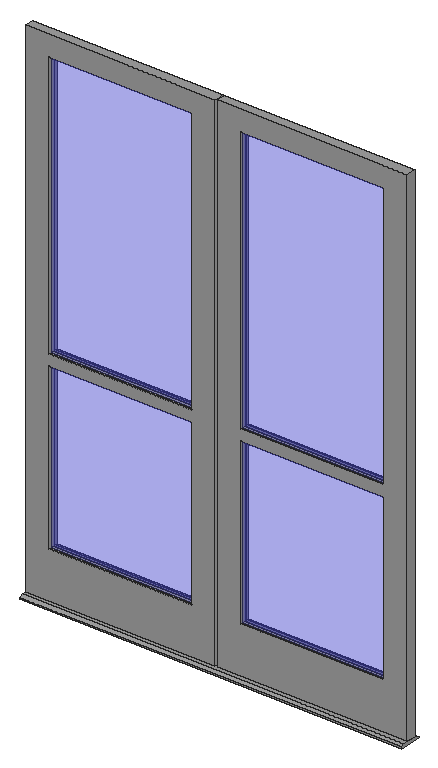
Revit family "MS-375 DOOR-Double-1-SF_v04", category Curtain Panels, Revit 2015
Parameters
  Width [instance] = 6' - 2"
  URL = "obe.com"
  Rough Width [instance] = 6' - 0"
  Offset [instance] = 0' - 0"
  Model = "MS-375 DOOR"
  Min Panel Width [instance] = if(Rough Width > 5' 11 255/256", Rough Width, 6' 0")  # 6' - 0"
  Manufacturer = "Oldcastle BuildingEnvelope®"
  Keynote = "08 11 00"
  Hinge [instance] = yes
  Height [instance] = 8' - 0"
  Pushbar Height [instance] = 3' - 5 1/4"  # constant formula
  Glass Material = Glass
  Frame Material = Aluminum
  Door Panel Height [instance] = Height + 0' 0 1/2"  # 8' - 0 1/2"
  Description = "MS-375 - 1\" Door Infill"
  Assembly Code = "B2030"
  Analytic Construction = "<None>"
  8 Muntin [instance] = no
  6.5 Muntin [instance] = no
  4 Muntin [instance] = no
  8 Bottom Rail [instance] = yes
  1.875 Muntin [instance] = no
  0.5 Muntin [instance] = if(or([1.875 Muntin], [4 Muntin], [6.5 Muntin], [8 Muntin]), 1 = 2, 1 = 1)  # yes
Reference planes (in)
  plane 1 "Front": y = 0
  plane 2: z = 0
  plane 3 "Center (Left/Right)": x = 0
  plane 4 "Left": x = -37
  plane 5 "Right": x = 37
  plane 6 "Top": z = 96
  plane 7: x = -36
  plane 8: x = 36
Text (in)
  text "Exterior" at (-54.29358, 31.38743, 0), in view "Ref. Level"
  text "Exterior" at (480, 41.53993, 89.60405), in view "Right"
  text "Exterior" at (-240, 57.82419, 105.78864), in view "Left"
Dimensions and locks (in)
  equal spacing: plane 4 "Left", plane 3 "Center (Left/Right)", plane 5 "Right"
  "Width": plane 4 "Left" to plane 5 "Right"
  "Height": plane 6 "Top" to plane 2
  equal spacing: plane 7, plane 3 "Center (Left/Right)", plane 8
  "Min Panel Width": plane 7 to plane 8
  aligned and locked: level to plane 2
  aligned and locked: plane 3 "Center (Left/Right)" to nested 1
  aligned and locked: plane 1 "Front" to nested 1
Nested families (in)
  nested 1: "MS-375 DOOR-Double-1-Panel_v03" at (0, -16, 0), Frame Material <- "Frame Material", Glass Material <- "Glass Material", 0.5 Muntin <- "0.5 Muntin", 1.875 Muntin <- "1.875 Muntin", 4 Muntin <- "4 Muntin", 6.5 Muntin <- "6.5 Muntin", 8 Muntin <- "8 Muntin", Hinge <- "Hinge", 8 Bottom Rail <- "8 Bottom Rail", Width <- "Min Panel Width", Height <- "Door Panel Height", Offset <- "Offset", type "MS-375 DOOR-Double-1-Panel"
    with Wing Width 3' - 0", built-in parameter 1001301 6' - 0", Pushbar Height 3' - 5 1/4", Offset 0' - 0", Hinge yes, built-in parameter 1001300 8' - 0 1/2", Glass at Muntin 0' - 1 7/16", Glass Material Glass, Frame Material Aluminum, Bottom Rail 0' - 9 5/32", 8 Muntin no, 8 Bottom Rail yes, 6.5 Muntin no, 4 Muntin no, 10 Bottom Rail no, 1.875 Muntin no, 0.5 Muntin yes
Definition of nested family "MS-375 DOOR-Double-1-Panel_v03"
  Parameters (values of type "MS-375 DOOR-Double-1-Panel")
    Wing Width [instance] = Width / 2  # 2' - 6"
    Width [instance] = 5' - 0"
    Offset [instance] = 0' - 11"
    Hinge [instance] = yes
    Height [instance] = 8' - 0"
    Glass at Muntin [instance] = if([8 Muntin], 0' 8 15/16", if([6.5 Muntin], 0' 7 7/16", if([4 Muntin], 0' 4 15/16", if([1.875 Muntin], 0' 2 13/16", 0' 1 7/16"))))  # 0' - 4 15/16"
    Pushbar Height [instance] = 3' - 5 1/4"  # constant formula
    Glass Material [instance] = none
    Frame Material [instance] = none
    Bottom Rail [instance] = if([8 Bottom Rail], 0' 9 5/32", 0' 11 5/32")  # 0' - 11 5/32"
    8 Muntin [instance] = no
    6.5 Muntin [instance] = no
    10 Bottom Rail [instance] = not([8 Bottom Rail])  # yes
    4 Muntin [instance] = yes
    8 Bottom Rail [instance] = no
    1.875 Muntin [instance] = no
    0.5 Muntin [instance] = if(or([1.875 Muntin], [4 Muntin], [6.5 Muntin], [8 Muntin]), 1 = 2, 1 = 1)  # no
  Reference planes (in)
    plane 1 "00": y = 4.0625
    plane 2: z = 0
    plane 3 "Center (Left/Right)": x = 0
    plane 4: z = 96
    plane 5: x = -30
    plane 6: x = 30
    plane 7 "Center (Front/Back)": y = 16
    plane 8 "Exterior": y = 4.5625
    plane 9: z = 48
    plane 10: z = 92.96875
    plane 11: z = 11.15625
    plane 12: z = 43.71875
    plane 13: z = 38.78125
    plane 14: z = 91.99987
    plane 15: z = 0
    plane 16 "Offset": y = 5
    plane 17: z = 41.25
  Forms (in)
    Sweep 1, solid, material <- "Frame Material"
      path origin (0, 4.0625, 0) x (1, 0, 0) y (0, 0, 1)
        loop
          line (-29.798, 96) -> (-0.22004, 96)
      profile origin (-15.00902, 4.0625, 96) x (0, 0, 1) y (0, -1, 0)
        loop
          line (-0.53138, -0.875) -> (-0.53138, 0.875) -> (-2.77731, 0.875) -> (-4.28138, 0.875) -> (-4.28138, 0.5) -> (-4.00013, 0.5) -> (-4.00013, -0.5) -> (-4.28138, -0.5) -> (-4.28138, -0.875) -> (-2.77731, -0.875) -> (-0.53138, -0.875)
    Sweep 2, solid, material <- "Frame Material"
      path origin (0, 4.0625, 0) x (1, 0, 0) y (0, 0, 1)
        loop
          line (-0.22004, 0) -> (-29.798, 0)
      profile origin (-15.00902, 4.0625, 0) x (0, 0, -1) y (0, -1, 0)
        loop
          line (-7.18343, -0.875) -> (-0.6875, -0.875) -> (-0.6875, 0.875) -> (-7.18343, 0.875) -> (-11.4375, 0.875) -> (-11.4375, 0.5) -> (-11.15625, 0.5) -> (-11.15625, -0.5) -> (-11.4375, -0.5) -> (-11.4375, -0.875) -> (-7.18343, -0.875)
    Sweep 3, solid, material <- "Frame Material"
      path origin (0, 4.0625, 0) x (1, 0, 0) y (0, 0, 1)
        loop
          line (29.24042, 95.46862) -> (29.24042, 0.6875)
      profile origin (29.24042, 4.0625, 48.07806) x (0, -1, 0) y (1, 0, 0)
        loop
          line (-0.875, 0.55758) -> (-0.875, -1.45435) -> (-0.875, -3.83342) -> (-0.5, -3.83342) -> (-0.5, -3.55217) -> (0.5, -3.55217) -> (0.5, -3.83342) -> (0.875, -3.83342) -> (0.875, -1.45435) -> (0.875, 0.55758) -> (-0.875, 0.66658) -> (-0.875, 0.55758)
    Sweep 4, solid, material <- "Frame Material"
      path origin (0, 4.0625, 0) x (1, 0, 0) y (0, 0, 1)
        loop
          line (-29.25, 95.46862) -> (-29.25, 0.6875)
      profile origin (-29.25, 4.0625, 48.07806) x (0, -1, 0) y (1, 0, 0)
        loop
          line (-0.875, -0.657) -> (0.875, -0.548) -> (0.875, 1.46393) -> (0.875, 3.843) -> (0.5, 3.843) -> (0.5, 3.56175) -> (-0.5, 3.56175) -> (-0.5, 3.843) -> (-0.875, 3.843) -> (-0.875, 1.46393) -> (-0.875, -0.657)
    Sweep 5, solid, material <- "Frame Material"
      path origin (0, 4.0625, 0) x (1, 0, 0) y (0, 0, 1)
        loop
          line (-0.22004, 48) -> (-29.798, 48)
      profile origin (-15.00902, 4.0625, 48) x (0, 0, -1) y (0, -1, 0)
        loop
          line (4, -0.5) -> (4, -0.875) -> (9.5, -0.875) -> (9.5, -0.5) -> (9.21875, -0.5) -> (9.21875, 0.5) -> (9.5, 0.5) -> (9.5, 0.875) -> (4, 0.875) -> (4, 0.5) -> (4.28125, 0.5) -> (4.28125, -0.5) -> (4, -0.5)
    Sweep 6, solid, material <- "Frame Material"
      path origin (0, 4.0625, 0) x (1, 0, 0) y (0, 0, 1)
        loop
          line (0, 95.46862) -> (0, 0.6875)
      profile origin (0, 4.0625, 48.07806) x (0, -1, 0) y (1, 0, 0)
        loop
          line (-0.875, -0.22004) -> (-0.875, -2.18343) -> (-0.875, -4.5625) -> (-0.5, -4.5625) -> (-0.5, -4.28125) -> (0.5, -4.28125) -> (0.5, -4.5625) -> (0.875, -4.5625) -> (0.875, -2.18343) -> (0.875, -0.22004)
          arc (0.875, -0.22004) -> (0, -0.0625) -> (-0.875, -0.22004) r 2.50872
        loop
          arc (-0.875, 0.22004) -> (0, 0.0625) -> (0.875, 0.22004) r 2.50872
          line (0.875, 0.22004) -> (0.875, 2.18343) -> (0.875, 4.5625) -> (0.5, 4.5625) -> (0.5, 4.28125) -> (0.252, 4.28125) -> (-0.5, 4.28125) -> (-0.5, 4.5625) -> (-0.875, 4.5625) -> (-0.875, 2.18343) -> (-0.875, 0.22004)
    Sweep 7, solid, material <- "Frame Material"
      path origin (0, 4.0625, 0) x (1, 0, 0) y (0, 0, 1)
        loop
          line (0.22004, 96) -> (29.798, 96)
      profile origin (15.00902, 4.0625, 96) x (0, 0, 1) y (0, -1, 0)
        loop
          line (-0.53138, -0.875) -> (-0.53138, 0.875) -> (-2.77731, 0.875) -> (-4.28138, 0.875) -> (-4.28138, 0.5) -> (-4.00013, 0.5) -> (-4.00013, -0.5) -> (-4.28138, -0.5) -> (-4.28138, -0.875) -> (-2.77731, -0.875) -> (-0.53138, -0.875)
    Sweep 8, solid, material <- "Frame Material"
      path origin (0, 4.0625, 0) x (1, 0, 0) y (0, 0, 1)
        loop
          line (29.798, 48) -> (0.22004, 48)
      profile origin (15.00902, 4.0625, 48) x (0, 0, -1) y (0, -1, 0)
        loop
          line (4, -0.5) -> (4, -0.875) -> (9.49, -0.875) -> (9.49, -0.5) -> (9.21875, -0.5) -> (9.21875, 0.5) -> (9.49, 0.5) -> (9.49, 0.875) -> (4, 0.875) -> (4, 0.5) -> (4.28125, 0.5) -> (4.28125, -0.5) -> (4, -0.5)
    Sweep 9, solid, material <- "Frame Material"
      path origin (0, 4.0625, 0) x (1, 0, 0) y (0, 0, 1)
        loop
          line (29.798, 0) -> (0.22004, 0)
      profile origin (15.00902, 4.0625, 0) x (0, 0, -1) y (0, -1, 0)
        loop
          line (-3.49593, -0.875) -> (-0.6875, -0.875) -> (-0.6875, 0.875) -> (-3.49593, 0.875) -> (-11.4375, 0.875) -> (-11.4375, 0.5) -> (-11.15625, 0.5) -> (-11.15625, -0.5) -> (-11.4375, -0.5) -> (-11.4375, -0.875) -> (-3.49593, -0.875)
    Extrusion 10, solid, material <- "Glass Material", detail levels coarse
      sketch origin (0, 0, 0) x (1, 0, 0) y (0, 1, 0)
        loop
          line (4.28125, 4.5625) -> (4.28125, 3.5625) -> (25.68825, 3.5625) -> (25.68825, 4.5625) -> (4.28125, 4.5625)
      from 38.78125 to 11.15625
    Extrusion 11, solid, material <- "Glass Material", detail levels medium+fine
      sketch origin (0, 0, 0) x (1, 0, 0) y (0, 1, 0)
        loop
          line (4.28125, 3.5625) -> (25.68825, 3.5625) -> (25.68825, 3.8105) -> (4.28125, 3.8105) -> (4.28125, 3.5625)
        loop
          line (25.68825, 4.5625) -> (4.28125, 4.5625) -> (4.28125, 4.3145) -> (25.68825, 4.3145) -> (25.68825, 4.5625)
      from 11.15625 to 38.78125
    Extrusion 12, solid, material <- "Glass Material", detail levels medium+fine
      sketch origin (0, 0, 0) x (1, 0, 0) y (0, 1, 0)
        loop
          line (4.28125, 4.5625) -> (4.28125, 4.3145) -> (25.68825, 4.3145) -> (25.68825, 4.5625) -> (4.28125, 4.5625)
        loop
          line (25.68825, 3.5625) -> (25.68825, 3.8105) -> (4.28125, 3.8105) -> (4.28125, 3.5625) -> (25.68825, 3.5625)
      from 43.71875 to 91.99987
    Extrusion 13, solid, material <- "Glass Material", detail levels coarse
      sketch origin (0, 0, 0) x (1, 0, 0) y (0, 1, 0)
        loop
          line (4.28125, 4.5625) -> (4.28125, 3.5625) -> (25.68825, 3.5625) -> (25.68825, 4.5625) -> (4.28125, 4.5625)
      from 43.71875 to 91.99987
    Extrusion 14, solid, material <- "Glass Material", detail levels medium+fine
      sketch origin (0, 0, 0) x (1, 0, 0) y (0, 1, 0)
        loop
          line (-25.68825, 3.5625) -> (-4.28125, 3.5625) -> (-4.28125, 3.8105) -> (-25.68825, 3.8105) -> (-25.68825, 3.5625)
        loop
          line (-4.28125, 4.5625) -> (-25.68825, 4.5625) -> (-25.68825, 4.3145) -> (-4.28125, 4.3145) -> (-4.28125, 4.5625)
      from 11.15625 to 38.78125
    Extrusion 15, solid, material <- "Glass Material", detail levels coarse
      sketch origin (0, 0, 0) x (1, 0, 0) y (0, 1, 0)
        loop
          line (-25.68825, 4.5625) -> (-25.68825, 3.5625) -> (-4.31233, 3.5625) -> (-4.28125, 3.5625) -> (-4.28125, 4.5625) -> (-25.68825, 4.5625)
      from 43.71875 to 91.99987
    Extrusion 16, solid, material <- "Glass Material", detail levels coarse
      sketch origin (0, 0, 0) x (1, 0, 0) y (0, 1, 0)
        loop
          line (-25.68825, 4.5625) -> (-25.68825, 3.5625) -> (-4.28125, 3.5625) -> (-4.28125, 4.5625) -> (-25.68825, 4.5625)
      from 11.15625 to 38.78125
    Extrusion 17, solid, material <- "Glass Material", detail levels medium+fine
      sketch origin (0, 0, 0) x (1, 0, 0) y (0, 1, 0)
        loop
          line (-25.68825, 4.5625) -> (-25.68825, 4.3145) -> (-4.28125, 4.3145) -> (-4.28125, 4.5625) -> (-25.68825, 4.5625)
        loop
          line (-25.68825, 3.8105) -> (-25.68825, 3.5625) -> (-4.28125, 3.5625) -> (-4.28125, 3.8105) -> (-25.68825, 3.8105)
      from 43.71875 to 91.99987
    Sweep 18, solid, material <- "Frame Material"
      path origin (0, 5, 0) x (1, 0, 0) y (0, 0, 1)
        loop
          line (-29.798, 0) -> (29.798, 0)
      profile origin (0, 5, 0) x (0, 0, 1) y (0, -1, 0)
        loop
          line (0.5, 2.468) -> (0.19364, 3.125) -> (0, 3.125) -> (0, -0.875) -> (0.19364, -0.875) -> (0.5, -0.218) -> (0.5, 2.468)
  Cuts and joins
    joined: Sweep 1, Sweep 2, Sweep 3, Sweep 4, Sweep 5, Sweep 6, Sweep 7, Sweep 8, Sweep 9
  Lines and regions (in)
    model lines
      curve 1: line (4.5625, 4.5625, 91.71862) -> (25.68825, 4.5625, 48.02216)
      curve 2: line (25.68825, 4.5625, 48.02216) -> (4.5625, 4.5625, 11.4375)
      curve 3: line (-4.5625, 4.5625, 91.71862) -> (-25.407, 4.5625, 48)
      curve 4: line (-25.407, 4.5625, 48) -> (-4.5625, 4.5625, 11.4375)
  Dimensions and locks (in)
    "Height": plane 4 to level
    equal spacing: plane 5, plane 3 "Center (Left/Right)", plane 6
    "Width": plane 5 to plane 6
    plane 1 "00" to plane 8 "Exterior" to plane 16 "Offset" = 0' - 0 1/2" locked, 0' - 0 7/16" locked
    equal spacing: level, plane 9, plane 4
    locked: plane 3 "Center (Left/Right)" to Sweep 2 sketch curve at 0.22004
    locked: Sweep 3 sketch curve to plane 4 at 0.53138
    locked: Sweep 4 sketch curve to plane 4 at 0.53138
    locked: plane 3 "Center (Left/Right)" to Sweep 1 sketch curve at 0.22004
    locked: plane 3 "Center (Left/Right)" to Sweep 5 sketch curve at 0.22004
    locked: plane 4 to plane 10 at 3.03125
    locked: Sweep 7 sketch curve to plane 3 "Center (Left/Right)" at 0.22004
    locked: Sweep 8 sketch curve to plane 3 "Center (Left/Right)" at 0.22004
    locked: Sweep 9 sketch curve to plane 3 "Center (Left/Right)" at 0.22004
    locked: Sweep 6 sketch curve to plane 4 at 0.53138
    "Glass at Muntin": plane 12 to plane 13
    locked: plane 13 to Sweep 8 sketch curve at 0.27125  (x2)
    locked: Sweep 8 sketch curve to plane 12 at 0.28125  (x2)
    "Bottom Rail": plane 11 to plane 2
    locked: Sweep 9 sketch curve to plane 11 at 0.28125  (x2)
    locked: Sweep 2 sketch curve to plane 11 at 0.28125  (x2)
    locked: Sweep 5 sketch curve to plane 12 at 0.28125  (x2)
    locked: plane 13 to Sweep 5 sketch curve at 0.28125  (x2)
    equal spacing: plane 4, plane 9, plane 15
    locked: plane 14 to Sweep 7 sketch curve at 0.28125  (x2)
    locked: plane 4 to plane 14 at 4.00013
    Extrusion 14 sketch curve to Extrusion 14 sketch curve to plane 1 "00" to Extrusion 14 sketch curve to Extrusion 14 sketch curve = 0' - 0.248" locked, 0' - 0.252" locked, 0' - 0.252" locked, 0' - 0.248" locked
    Extrusion 16 sketch curve to plane 1 "00" to Extrusion 16 sketch curve = 0' - 0 1/2" locked, 0' - 0 1/2" locked
    Extrusion 17 sketch curve to Extrusion 17 sketch curve to plane 1 "00" to Extrusion 17 sketch curve to Extrusion 17 sketch curve = 0' - 0.248" locked, 0' - 0.252" locked, 0' - 0.252" locked, 0' - 0.248" locked
    Extrusion 15 sketch curve to plane 1 "00" to Extrusion 15 sketch curve = 0' - 0 1/2" locked, 0' - 0 1/2" locked
    Extrusion 13 sketch curve to plane 1 "00" to Extrusion 13 sketch curve = 0' - 0 1/2" locked, 0' - 0 1/2" locked
    Extrusion 12 sketch curve to Extrusion 12 sketch curve to plane 1 "00" to Extrusion 12 sketch curve to Extrusion 12 sketch curve = 0' - 0.248" locked, 0' - 0.252" locked, 0' - 0.252" locked, 0' - 0.248" locked
    Extrusion 11 sketch curve to Extrusion 11 sketch curve to plane 1 "00" to Extrusion 11 sketch curve to Extrusion 11 sketch curve = 0' - 0.248" locked, 0' - 0.252" locked, 0' - 0.252" locked, 0' - 0.248" locked
    Extrusion 10 sketch curve to plane 1 "00" to Extrusion 10 sketch curve = 0' - 0 1/2" locked, 0' - 0 1/2" locked
    "Offset": plane 16 "Offset" to plane 7 "Center (Front/Back)"
    locked: plane 1 "00" to nested 1 at 0.02734
    equal spacing: plane 12, plane 17, plane 13
    "Pushbar Height": plane 17 to plane 15
    locked: plane 6 to Sweep 18 sketch curve at 0.202
    locked: Sweep 18 sketch curve to plane 5 at 0.202
    locked: Sweep 4 sketch curve to plane 15 at 0.6875
    locked: Sweep 6 sketch curve to plane 15 at 0.6875
    locked: Sweep 3 sketch curve to plane 15 at 0.6875
    aligned and locked: plane 2 to level
    aligned and locked: plane 3 "Center (Left/Right)" to nested 1
    aligned and locked: Sweep 1 sketch curve to plane 4
    aligned and locked: Sweep 2 sketch curve to level
    aligned and locked: level to nested 2
    aligned and locked: nested 2 to plane 1 "00"
    aligned and locked: Sweep 5 sketch curve to plane 9
    aligned and locked: plane 3 "Center (Left/Right)" to Sweep 6 sketch curve
    aligned and locked: Sweep 9 sketch curve to level
    aligned and locked: Sweep 8 sketch curve to plane 9
    aligned and locked: plane 4 to Sweep 7 sketch curve
    aligned and locked: Sweep 8 sketch curve to plane 12
    aligned and locked: plane 13 to Sweep 8 sketch curve
    aligned and locked: plane 11 to cut or joined group of Sweep 1, Sweep 2, Sweep 3, Sweep 4, Sweep 5, Sweep 6, Sweep 7, Sweep 8, Sweep 9
    aligned and locked: Extrusion 14 to plane 11
    aligned and locked: plane 13 to Extrusion 14
    aligned and locked: Extrusion 15 to plane 12
    aligned and locked: plane 14 to Extrusion 15
    aligned and locked: Extrusion 17 to plane 12
    aligned and locked: plane 14 to Extrusion 17
    aligned and locked: Extrusion 16 to plane 11
    aligned and locked: plane 13 to Extrusion 16
    aligned and locked: cut or joined group of Sweep 1, Sweep 2, Sweep 3, Sweep 4, Sweep 5, Sweep 6, Sweep 7, Sweep 8, Sweep 9 to plane 13
    aligned and locked: Extrusion 12 to plane 12
    aligned and locked: plane 12 to cut or joined group of Sweep 1, Sweep 2, Sweep 3, Sweep 4, Sweep 5, Sweep 6, Sweep 7, Sweep 8, Sweep 9
    aligned and locked: cut or joined group of Sweep 1, Sweep 2, Sweep 3, Sweep 4, Sweep 5, Sweep 6, Sweep 7, Sweep 8, Sweep 9 to plane 14
    aligned and locked: plane 14 to Extrusion 12
    aligned and locked: plane 14 to Extrusion 13
    aligned and locked: Extrusion 13 to plane 12
    aligned and locked: plane 13 to Extrusion 10
    aligned and locked: plane 13 to Extrusion 11
    aligned and locked: Extrusion 11 to plane 11
    aligned and locked: Extrusion 10 to plane 11
    aligned and locked: Sweep 7 sketch curve to plane 14
    aligned and locked: cut or joined group of Sweep 1, Sweep 2, Sweep 3, Sweep 4, Sweep 5, Sweep 6, Sweep 7, Sweep 8, Sweep 9 to curve 2
    aligned and locked: curve 3 to cut or joined group of Sweep 1, Sweep 2, Sweep 3, Sweep 4, Sweep 5, Sweep 6, Sweep 7, Sweep 8, Sweep 9
    aligned and locked: cut or joined group of Sweep 1, Sweep 2, Sweep 3, Sweep 4, Sweep 5, Sweep 6, Sweep 7, Sweep 8, Sweep 9 to curve 4
    aligned and locked: cut or joined group of Sweep 1, Sweep 2, Sweep 3, Sweep 4, Sweep 5, Sweep 6, Sweep 7, Sweep 8, Sweep 9 to curve 1
    aligned and locked: plane 9 to curve 3
    aligned and locked: plane 12 to Sweep 5 sketch curve
    aligned and locked: Sweep 5 sketch curve to plane 13
    aligned and locked: Extrusion 15 to nested 1
    aligned and locked: Extrusion 12 to nested 1
    aligned and locked: Extrusion 11 to nested 1
    aligned and locked: Extrusion 14 to nested 1
    aligned and locked: Sweep 18 sketch curve to plane 15
  Automatic sketch dimensions
    Sweep 1 sketch curve to plane 1 "00" = 0' - 0 1/2"
    profile plane to Sweep 1 sketch curve = 0' - 4.28138"
    Sweep 1 sketch curve to Sweep 1 sketch curve = 0' - 0"
    Sweep 1 sketch curve to Sweep 1 sketch curve = 0' - 0 9/32"
    Sweep 1 sketch curve to Sweep 1 sketch curve = 0' - 1.22282"  (x2)
    profile plane to Sweep 1 sketch curve = 0' - 0.53138"
    Sweep 1 sketch curve to plane 1 "00" = 0' - 0 7/8"
    plane 1 "00" to Sweep 1 sketch curve = 0' - 0 1/2"
    Sweep 1 sketch curve to Sweep 1 sketch curve = 0' - 0 3/8"
    Sweep 5 sketch curve to plane 1 "00" = 0' - 0 7/8"
    Sweep 5 sketch curve to plane 1 "00" = 0' - 0 1/2"
    plane 1 "00" to Sweep 5 sketch curve = 0' - 0 1/2"  (x2)
    Sweep 5 sketch curve to Sweep 5 sketch curve = 0' - 0 3/8"  (x2)
    plane 1 "00" to Sweep 2 sketch curve = 0' - 0 7/8"
    plane 1 "00" to Sweep 2 sketch curve = 0' - 0 1/2"
    Sweep 2 sketch curve to Sweep 2 sketch curve = 0' - 3.97282"
    Sweep 2 sketch curve to Sweep 2 sketch curve = 0' - 0 9/32"
    Sweep 2 sketch curve to plane 1 "00" = 0' - 0 1/2"
    Sweep 2 sketch curve to Sweep 2 sketch curve = 0' - 0"
    Sweep 4 sketch curve to plane 1 "00" = 0' - 0 7/8"
    Sweep 4 sketch curve to Sweep 4 sketch curve = 0' - 0 3/8"  (x2)
    plane 1 "00" to Sweep 4 sketch curve = 0' - 0 1/2"
    profile plane to Sweep 4 sketch curve = 0' - 0.657"
    Sweep 4 sketch curve to Sweep 4 sketch curve = 0' - 2.12093"
    Sweep 4 sketch curve to Sweep 4 sketch curve = 0' - 0"
    Sweep 4 sketch curve to Sweep 4 sketch curve = 0' - 2.09782"
    Sweep 4 sketch curve to Sweep 4 sketch curve = 0' - 0 9/32"  (x2)
    profile plane to Sweep 4 sketch curve = 0' - 0.548"
    plane 1 "00" to Sweep 6 sketch curve = 0' - 0"  (x2)
    Sweep 6 sketch curve to plane 1 "00" = 0' - 0 1/2"
    Sweep 6 sketch curve to plane 1 "00" = 0' - 0 7/8"  (x2)
    plane 1 "00" to Sweep 6 sketch curve = 0' - 0.252"
    Sweep 6 sketch curve to Sweep 6 sketch curve = 0' - 0.248"
    plane 1 "00" to Sweep 6 sketch curve = 0' - 0 1/2"
    Sweep 6 sketch curve to Sweep 6 sketch curve = 0' - 0 3/8"  (x3)
    profile plane to Sweep 6 sketch curve = 0' - 4 9/16"
    Sweep 6 sketch curve to Sweep 6 sketch curve = 0' - 0"  (x2)
    Sweep 6 sketch curve to Sweep 6 sketch curve = 0' - 0 9/32"  (x3)
    Sweep 6 sketch curve to Sweep 6 sketch curve = 0' - 1.71003"  (x2)
    Sweep 6 sketch curve to Sweep 6 sketch curve = 0' - 0.38779"  (x3)
    profile plane to Sweep 6 sketch curve = 0' - 0.22004"
    Sweep 6 sketch curve to profile plane = 0' - 0.22004"
    Sweep 6 sketch curve to Sweep 6 sketch curve = 0' - 1.96339"
    Sweep 3 sketch curve to plane 1 "00" = 0' - 0 7/8"
    Sweep 3 sketch curve to Sweep 3 sketch curve = 0' - 0 3/8"
    plane 1 "00" to Sweep 3 sketch curve = 0' - 0 1/2"
    plane 1 "00" to Sweep 3 sketch curve = 0' - 0 7/8"
    profile plane to Sweep 3 sketch curve = 0' - 3.83342"
    Sweep 3 sketch curve to Sweep 3 sketch curve = 0' - 0"  (x2)
    Sweep 3 sketch curve to Sweep 3 sketch curve = 0' - 0 9/32"
    Sweep 3 sketch curve to Sweep 3 sketch curve = 0' - 2.09782"
    Sweep 3 sketch curve to profile plane = 0' - 0.55758"  (x2)
    Sweep 3 sketch curve to Sweep 3 sketch curve = 0' - 0.109"
    Sweep 7 sketch curve to plane 1 "00" = 0' - 0 1/2"
    Sweep 7 sketch curve to Sweep 7 sketch curve = 0' - 1.22282"  (x2)
    profile plane to Sweep 7 sketch curve = 0' - 0.53138"
    Sweep 7 sketch curve to plane 1 "00" = 0' - 0 7/8"
    plane 1 "00" to Sweep 7 sketch curve = 0' - 0 1/2"
    Sweep 7 sketch curve to Sweep 7 sketch curve = 0' - 0 3/8"
    plane 1 "00" to Sweep 8 sketch curve = 0' - 0 7/8"
    Sweep 8 sketch curve to plane 1 "00" = 0' - 0 1/2"  (x2)
    Sweep 8 sketch curve to Sweep 8 sketch curve = 0' - 0 3/8"  (x3)
    Sweep 9 sketch curve to plane 1 "00" = 0' - 0 7/8"
    Sweep 9 sketch curve to plane 1 "00" = 0' - 0 1/2"
    Sweep 9 sketch curve to Sweep 9 sketch curve = 0' - 0 9/32"
    plane 1 "00" to Sweep 9 sketch curve = 0' - 0 1/2"
    Sweep 9 sketch curve to Sweep 9 sketch curve = 0' - 0"
    Sweep 9 sketch curve to Sweep 9 sketch curve = 0' - 0 3/8"
    plane 3 "Center (Left/Right)" to Extrusion 10 sketch curve = 0' - 4 9/32"
    plane 3 "Center (Left/Right)" to Extrusion 11 sketch curve = 0' - 4 9/32"
    Extrusion 11 sketch curve to Extrusion 11 sketch curve = 0' - 0"  (x2)
    plane 3 "Center (Left/Right)" to Extrusion 13 sketch curve = 0' - 4 9/32"
    plane 3 "Center (Left/Right)" to Extrusion 12 sketch curve = 0' - 4 9/32"
    Extrusion 12 sketch curve to Extrusion 12 sketch curve = 0' - 0"  (x2)
    Extrusion 14 sketch curve to Extrusion 14 sketch curve = 0' - 0"  (x2)
    Extrusion 14 sketch curve to plane 3 "Center (Left/Right)" = 0' - 4 9/32"
    Extrusion 15 sketch curve to plane 3 "Center (Left/Right)" = 0' - 4.31233"
    Extrusion 15 sketch curve to Extrusion 15 sketch curve = 0' - 0.03108"
    Extrusion 16 sketch curve to plane 3 "Center (Left/Right)" = 0' - 4 9/32"
    Extrusion 17 sketch curve to Extrusion 17 sketch curve = 0' - 0"  (x2)
    Extrusion 17 sketch curve to plane 3 "Center (Left/Right)" = 0' - 4 9/32"
    curve 1 to plane 14 = 0' - 0 9/32"
    plane 3 "Center (Left/Right)" to curve 1 = 0' - 4 9/16"
    plane 9 to curve 2 = 0' - 0.02216"
    plane 11 to curve 4 = 0' - 0 9/32"
    plane 11 to curve 2 = 0' - 0 9/32"
    curve 3 to plane 14 = 0' - 0 9/32"
    plane 5 to Sweep 1 sketch curve = 0' - 0.202"
    plane 5 to Sweep 2 sketch curve = 0' - 0.202"
    Sweep 3 sketch curve to plane 6 = 0' - 0.75958"
    plane 5 to Sweep 4 sketch curve = 0' - 0 3/4"
    plane 5 to Sweep 5 sketch curve = 0' - 0.202"
    Sweep 7 sketch curve to plane 6 = 0' - 0.202"
    Sweep 8 sketch curve to plane 6 = 0' - 0.202"
    Sweep 9 sketch curve to plane 6 = 0' - 0.202"
    Extrusion 10 sketch curve to plane 6 = 0' - 4.31175"
    Extrusion 11 sketch curve to plane 6 = 0' - 4.31175"
    Extrusion 12 sketch curve to plane 6 = 0' - 4.31175"
    Extrusion 13 sketch curve to plane 6 = 0' - 4.31175"
    plane 5 to Extrusion 14 sketch curve = 0' - 4.31175"
    plane 5 to Extrusion 15 sketch curve = 0' - 4.31175"
    plane 5 to Extrusion 16 sketch curve = 0' - 4.31175"
    plane 5 to Extrusion 17 sketch curve = 0' - 4.31175"
    plane 5 to curve 3 = 0' - 4.593"
    Sweep 2 sketch curve to plane 1 "00" = 0' - 0 7/8"
    profile plane to Sweep 2 sketch curve = 0' - 0 11/16"
    Sweep 9 sketch curve to Sweep 9 sketch curve = 0' - 2.80843"
    profile plane to Sweep 9 sketch curve = 0' - 3.49593"
    Sweep 18 sketch curve to plane 16 "Offset" = 0' - 0.218"
    Sweep 18 sketch curve to profile plane = 0' - 0 1/2"
    plane 16 "Offset" to Sweep 18 sketch curve = 0' - 2.468"
    Sweep 18 sketch curve to profile plane = 0' - 0.19364"  (x2)
    Sweep 18 sketch curve to Sweep 18 sketch curve = 0' - 0.657"  (x2)
    profile plane to Sweep 18 sketch curve = 0' - 0"
  Nested families (in)
    nested 1: "MS-375 DOOR-Double-1-Plan View" at (0, 4.08984, 0), Width <- "Width", Wing Width <- "Wing Width", Hinge <- "Hinge", type "MS-375 DOOR-Double-1-Plan View"
      with Wing Width 2' - 6", Width 5' - 0", Hinge yes
    nested 2: "MS-375 DOOR-Double-1-Section_v02" at (0, 4.0625, 0) x (0, -1, 0) z (1, 0, 0), Height <- "Height", 0.5 Muntin <- "0.5 Muntin", 1.875 Muntin <- "1.875 Muntin", 4 Muntin <- "4 Muntin", 6.5 Muntin <- "6.5 Muntin", 8 Muntin <- "8 Muntin", 8 Bottom Rail <- "8 Bottom Rail", type "MS-375 DOOR-Double-1-Section_v02"
      with Pushbar Height 3' - 5 1/4", Height 8' - 0", Glass at Muntins 0' - 4 15/16", Bottom Rail 0' - 11 5/32", 8 Muntin no, 8 Bottom Rail no, 6.5 Muntin no, 4 Muntin yes, 10 Bottom Rail yes, 1.875 Muntin no, 0.5 Muntin no
  Definition of nested family "MS-375 DOOR-Double-1-Plan View"
    Parameters (values of type "MS-375 DOOR-Double-1-Plan View")
      Wing Width [instance] = Width / 2  # 2' - 6"
      Width [instance] = 5' - 0"
      Hinge [instance] = yes
    Reference planes (in)
      plane 1 "Center (Front/Back)": y = 0
      plane 2: z = 0
      plane 3 "Center (Left/Right)": x = 0
      plane 4: x = -30
      plane 5: x = 30
      plane 6: x = -28.68437
      plane 7: x = 28.68437
    Lines and regions (in)
      detail lines, in view "Ref. Level"
        curve 1: arc (0.0625, 0, 0) -> (7.90017, 20.19533, 0) -> (27.30937, 29.81634, 0) r 29.9375
        curve 2: arc (-0.0625, 0, 0) -> (-7.90017, 20.19533, 0) -> (-27.30937, 29.81634, 0) r 29.9375
        curve 3: line (-29.18437, 25.71875, 0) -> (-29.18437, 5.66175, 0)
        curve 12: line (-28.18437, 25.71875, 0) -> (-28.18437, 5.66175, 0)
        curve 21: line (28.18437, 25.71875, 0) -> (28.18437, 5.66175, 0)
        curve 30: line (29.18437, 25.71875, 0) -> (29.18437, 5.66175, 0)
      detail lines, in view "Ref. Level", detail levels fine
        curve 4: line (-29.12237, 25.71875, 0) -> (-29.12237, 5.66175, 0)
        curve 5: line (-29.06037, 25.71875, 0) -> (-29.06037, 5.66175, 0)
        curve 6: line (-28.99837, 25.71875, 0) -> (-28.99837, 5.66175, 0)
        curve 9: line (-28.37037, 25.71875, 0) -> (-28.37037, 5.66175, 0)
        curve 10: line (-28.30837, 25.71875, 0) -> (-28.30837, 5.66175, 0)
        curve 11: line (-28.24637, 25.71875, 0) -> (-28.24637, 5.66175, 0)
        curve 22: line (28.24637, 25.71875, 0) -> (28.24637, 5.66175, 0)
        curve 23: line (28.30837, 25.71875, 0) -> (28.30837, 5.66175, 0)
        curve 24: line (28.37037, 25.71875, 0) -> (28.37037, 5.66175, 0)
        curve 27: line (28.99837, 25.71875, 0) -> (28.99837, 5.66175, 0)
        curve 28: line (29.06037, 25.71875, 0) -> (29.06037, 5.66175, 0)
        curve 29: line (29.12237, 25.71875, 0) -> (29.12237, 5.66175, 0)
      detail lines, in view "Ref. Level", detail levels medium+fine
        curve 7: line (-28.93637, 25.71875, 0) -> (-28.93637, 5.66175, 0)
        curve 8: line (-28.43237, 25.71875, 0) -> (-28.43237, 5.66175, 0)
        curve 25: line (28.43237, 25.71875, 0) -> (28.43237, 5.66175, 0)
        curve 26: line (28.93637, 25.71875, 0) -> (28.93637, 5.66175, 0)
      detail lines, in view "Ref. Level", not visible
        curve 13: line (-25.68825, 0.5, 0) -> (-4.28125, 0.5, 0)
        curve 14: line (-25.68825, -0.252, 0) -> (-4.28125, -0.252, 0)
        curve 15: line (-25.68825, -0.5, 0) -> (-4.28125, -0.5, 0)
        curve 16: line (-25.68825, 0.252, 0) -> (-4.28125, 0.252, 0)
        curve 17: line (4.28125, 0.5, 0) -> (25.68825, 0.5, 0)
        curve 18: line (25.68825, 0.252, 0) -> (4.28125, 0.252, 0)
        curve 19: line (4.28125, -0.252, 0) -> (25.68825, -0.252, 0)
        curve 20: line (25.68825, -0.5, 0) -> (4.28125, -0.5, 0)
    Dimensions and locks (in)
      equal spacing: plane 4, plane 3 "Center (Left/Right)", plane 5
      "Wing Width": plane 1 "Center (Front/Back)" to nested 3
      "Wing Width": plane 1 "Center (Front/Back)" to nested 4
      locked: plane 1 "Center (Front/Back)" to nested 6 at 0.9
      locked: nested 7 to plane 1 "Center (Front/Back)" at 0.9
      locked: plane 4 to plane 6 at 1.31563
      locked: plane 7 to plane 5 at 1.31563
      "Width": plane 4 to plane 5
      plane 5 to nested 8 to nested 5 = 0' - 2 1/4" locked, 0' - 0" locked
      nested 10 to nested 9 to plane 4 = 0' - 0" locked, 0' - 2 1/4" locked
      aligned and locked: plane 3 "Center (Left/Right)" to nested 1
      aligned and locked: nested 1 to plane 1 "Center (Front/Back)"
      aligned and locked: plane 3 "Center (Left/Right)" to nested 2
      aligned and locked: nested 2 to plane 1 "Center (Front/Back)"
      aligned and locked: plane 1 "Center (Front/Back)" to nested 5
      aligned and locked: nested 4 to curve 3
      aligned and locked: nested 4 to curve 4
      aligned and locked: nested 4 to curve 5
      aligned and locked: nested 4 to curve 6
      aligned and locked: nested 4 to curve 7
      aligned and locked: nested 4 to curve 8
      aligned and locked: nested 4 to curve 9
      aligned and locked: nested 4 to curve 10
      aligned and locked: nested 4 to curve 11
      aligned and locked: nested 4 to curve 12
      aligned and locked: nested 7 to curve 3
      aligned and locked: nested 7 to curve 4
      aligned and locked: nested 7 to curve 5
      aligned and locked: nested 7 to curve 6
      aligned and locked: nested 7 to curve 7
      aligned and locked: nested 7 to curve 8
      aligned and locked: nested 7 to curve 9
      aligned and locked: nested 7 to curve 10
      aligned and locked: nested 7 to curve 11
      aligned and locked: curve 12 to nested 7
      aligned and locked: curve 13 to nested 1
      aligned and locked: nested 1 to curve 16
      aligned and locked: nested 1 to curve 14
      aligned and locked: nested 1 to curve 15
      aligned and locked: curve 17 to nested 2
      aligned and locked: nested 2 to curve 18
      aligned and locked: nested 2 to curve 19
      aligned and locked: nested 2 to curve 20
      aligned and locked: nested 5 to curve 17
      aligned and locked: nested 5 to curve 18
      aligned and locked: nested 5 to curve 19
      aligned and locked: curve 20 to nested 5
      aligned and locked: nested 3 to curve 21
      aligned and locked: nested 3 to curve 22
      aligned and locked: nested 3 to curve 23
      aligned and locked: nested 3 to curve 24
      aligned and locked: nested 3 to curve 25
      aligned and locked: nested 3 to curve 26
      aligned and locked: nested 3 to curve 27
      aligned and locked: nested 3 to curve 28
      aligned and locked: nested 3 to curve 29
      aligned and locked: nested 3 to curve 30
      aligned and locked: nested 3 to nested 3  (x2)
      aligned and locked: curve 21 to nested 6
      aligned and locked: nested 6 to curve 22
      aligned and locked: nested 6 to curve 23
      aligned and locked: nested 6 to curve 24
      aligned and locked: nested 6 to curve 25
      aligned and locked: nested 6 to curve 26
      aligned and locked: nested 6 to curve 27
      aligned and locked: nested 6 to curve 28
      aligned and locked: nested 6 to curve 29
      aligned and locked: nested 6 to curve 30
      aligned and locked: nested 6 to nested 6  (x3)
      aligned and locked: plane 1 "Center (Front/Back)" to nested 9
      aligned and locked: nested 8 to plane 1 "Center (Front/Back)"
      aligned and locked: nested 10 to nested 10  (x3)
      aligned and locked: nested 4 to plane 6
      aligned and locked: plane 6 to nested 7
      aligned and locked: nested 10 to plane 1 "Center (Front/Back)"
      aligned and locked: nested 3 to plane 7
      aligned and locked: plane 7 to nested 6
      aligned and locked: curve 15 to nested 10
    Automatic sketch dimensions
      plane 1 "Center (Front/Back)" to curve 2 = 0' - 0"
      curve 2 to plane 4 = 0' - 0"
      plane 1 "Center (Front/Back)" to curve 1 = 0' - 0"
      curve 1 to plane 5 = 0' - 0"
      plane 4 to curve 2 = 0' - 2.69063"
      curve 3 to curve 4 = 0' - 0.062"
      curve 4 to curve 5 = 0' - 0.062"
      curve 5 to curve 6 = 0' - 0.062"
      curve 6 to curve 7 = 0' - 0.062"
      curve 7 to curve 8 = 0' - 0.504"
      curve 8 to curve 9 = 0' - 0.062"
      curve 9 to curve 10 = 0' - 0.062"
      curve 10 to curve 11 = 0' - 0.062"
      curve 11 to curve 12 = 0' - 0.062"
      curve 16 to plane 1 "Center (Front/Back)" = 0' - 0.252"
      curve 12 to curve 16 = 0' - 2.49612"
      curve 16 to curve 15 = 0' - 0"
      curve 13 to curve 16 = 0' - 0"
      curve 14 to curve 15 = 0' - 0"
      curve 2 to plane 3 "Center (Left/Right)" = 0' - 0 1/16"
      plane 3 "Center (Left/Right)" to curve 1 = 0' - 0 1/16"
      curve 21 to plane 5 = 0' - 1.81563"
      curve 21 to curve 22 = 0' - 0.062"
      curve 22 to curve 23 = 0' - 0.062"
      curve 23 to curve 24 = 0' - 0.062"
      curve 24 to curve 25 = 0' - 0.062"
      curve 25 to curve 26 = 0' - 0.504"
      curve 26 to curve 27 = 0' - 0.062"
      curve 27 to curve 28 = 0' - 0.062"
      curve 28 to curve 29 = 0' - 0.062"
      curve 29 to curve 30 = 0' - 0.062"
      curve 1 to plane 5 = 0' - 2.69063"
      plane 1 "Center (Front/Back)" to curve 14 = 0' - 0.252"
      plane 1 "Center (Front/Back)" to curve 19 = 0' - 0.252"
      curve 15 to curve 14 = 0' - 0.248"
      curve 20 to curve 19 = 0' - 0.248"
      curve 18 to plane 1 "Center (Front/Back)" = 0' - 0.252"
      curve 16 to curve 13 = 0' - 0.248"
      curve 18 to curve 17 = 0' - 0.248"
    Nested families (in)
      nested 1: "M STILE L-DI" at (0, 0, 0) x (-1, 0, 0) z (0, 0, 1), type "M STILE L-DI", in view "Ref. Level", not visible
      nested 2: "M STILE R-DI" at (0, 0, 0) x (-1, 0, 0) z (0, 0, 1), type "M STILE R-DI", in view "Ref. Level", not visible
      nested 3: "M STILE R-DI" at (28.68437, 30, 0) x (0, 1, 0) z (0, 0, 1), type "M STILE R-DI", in view "Ref. Level"
      nested 4: "M STILE R-DI" at (-28.68437, 30, 0) x (0, 1, 0) z (0, 0, 1), type "M STILE R-DI", in view "Ref. Level"
      nested 5: "HINGE-HD-DI" at (32.25, 0, 0), type "HINGE-HD-DI", in view "Ref. Level", not visible
      nested 6: "HINGE-HD-DI" at (28.68437, -0.9, 0) x (0, -1, 0) z (0, 0, 1), type "HINGE-HD-DI", in view "Ref. Level"
      nested 7: "HINGE-HD-DI" at (-28.68437, -0.9, 0) x (0, -1, 0) z (0, 0, 1), type "HINGE-HD-DI", in view "Ref. Level"
      nested 8: "Hinge_Fine 1" at (32.25, 0, 0) x (-1, 0, 0) z (0, 0, 1), visible <- "Hinge", type "Hinge_Fine 1", in view "Ref. Level"
      nested 9: "Hinge_Fine 1" at (-32.25, 0, 0), visible <- "Hinge", type "Hinge_Fine 1", in view "Ref. Level"
      nested 10: "HINGE-HD-DI" at (-32.25, 0, 0) x (-1, 0, 0) z (0, 0, 1), type "HINGE-HD-DI", in view "Ref. Level", not visible
    Definition of nested family "M STILE L-DI"
      Reference planes (in)
        plane 1 "Center (Front/Back)": y = 0
        plane 2: z = 0
        plane 3 "Center (Left/Right)": x = 0
      Lines and regions (in)
        detail lines, in view "Ref. Level"
          curve 1: line (4.5625, 0.875, 0) -> (4.5625, 0.5, 0)
          curve 2: line (4.5625, 0.5, 0) -> (4.28125, 0.5, 0)
          curve 3: line (4.28125, 0.5, 0) -> (4.28125, -0.5, 0)
          curve 4: line (4.28125, -0.5, 0) -> (4.5625, -0.5, 0)
          curve 5: line (4.5625, -0.5, 0) -> (4.5625, -0.875, 0)
          curve 6: line (4.5625, -0.875, 0) -> (0.22063, -0.875, 0)
          curve 7: line (0.22063, 0.875, 0) -> (4.5625, 0.875, 0)
          curve 8: arc (0.22063, 0.875, 0) -> (0.0625, 0, 0) -> (0.22063, -0.875, 0) r 2.5
    Definition of nested family "M STILE R-DI"
      Reference planes (in)
        plane 1 "Center (Front/Back)": y = 0
        plane 2: z = 0
        plane 3 "Center (Left/Right)": x = 0
      Lines and regions (in)
        detail lines, in view "Ref. Level"
          curve 1: line (-4.5625, 0.875, 0) -> (-4.5625, 0.5, 0)
          curve 2: line (-4.5625, 0.5, 0) -> (-4.28125, 0.5, 0)
          curve 3: line (-4.28125, 0.5, 0) -> (-4.28125, -0.5, 0)
          curve 4: line (-4.28125, -0.5, 0) -> (-4.5625, -0.5, 0)
          curve 5: line (-4.5625, -0.5, 0) -> (-4.5625, -0.875, 0)
          curve 6: line (-4.5625, -0.875, 0) -> (-0.22063, -0.875, 0)
          curve 7: line (-0.22063, 0.875, 0) -> (-4.5625, 0.875, 0)
          curve 8: arc (-0.22063, 0.875, 0) -> (-0.0625, 0, 0) -> (-0.22063, -0.875, 0) r 2.5
    Definition of nested family "HINGE-HD-DI"
      Reference planes (in)
        plane 1 "Center (Front/Back)": y = 0
        plane 2: z = 0
        plane 3 "Center (Left/Right)": x = 0
      Lines and regions (in)
        detail lines, in view "Ref. Level"
          curve 1: line (-2.452, 0.875, 0) -> (-6.843, 0.875, 0)
          curve 2: line (-6.843, 0.875, 0) -> (-6.843, 0.5, 0)
          curve 3: line (-6.843, 0.5, 0) -> (-6.56175, 0.5, 0)
          curve 4: line (-6.56175, 0.5, 0) -> (-6.56175, -0.5, 0)
          curve 5: line (-6.56175, -0.5, 0) -> (-6.843, -0.5, 0)
          curve 6: line (-6.843, -0.5, 0) -> (-6.843, -0.875, 0)
          curve 7: line (-6.843, -0.875, 0) -> (-2.343, -0.875, 0)
          curve 8: line (-2.343, -0.875, 0) -> (-2.452, 0.875, 0)
    Definition of nested family "Hinge_Fine 1"
      Reference planes (in)
        plane 1 "Center (Front/Back)": y = 0
        plane 2: z = 0
        plane 3 "Center (Left/Right)": x = 0
  Definition of nested family "MS-375 DOOR-Double-1-Section_v02"
    Parameters (values of type "MS-375 DOOR-Double-1-Section_v02")
      Height [instance] = 8' - 0"
      Glass at Muntins [instance] = if([8 Muntin], 0' 8 15/16", if([6.5 Muntin], 0' 7 7/16", if([4 Muntin], 0' 4 15/16", if([1.875 Muntin], 0' 2 13/16", 0' 1 7/16"))))  # 0' - 1 7/16"
      Pushbar Height [instance] = 3' - 5 1/4"  # constant formula
      Bottom Rail [instance] = if([10 Bottom Rail], 0' 11 5/32", 0' 9 5/32")  # 0' - 11 5/32"
      8 Muntin [instance] = no
      6.5 Muntin [instance] = no
      10 Bottom Rail [instance] = not([8 Bottom Rail])  # yes
      4 Muntin [instance] = no
      8 Bottom Rail [instance] = no
      1.875 Muntin [instance] = no
      0.5 Muntin [instance] = if(or([1.875 Muntin], [4 Muntin], [6.5 Muntin], [8 Muntin]), 1 = 2, 1 = 1)  # yes
    Reference planes (in)
      plane 1 "Center (Front/Back)": y = 0
      plane 2: z = 0
      plane 3 "Center (Left/Right)": x = 0
      plane 4: y = 11.15625
      plane 5: y = 91.99987
      plane 6: y = 96
      plane 7: y = 41.96875
      plane 8: y = 40.53125
      plane 9: y = 42.25
      plane 10: y = 41.25
      plane 11: y = 42.9325
      plane 12: y = 44
      plane 13: y = 45.25
      plane 14: y = 46
    Lines and regions (in)
      detail lines, in view "Ref. Level"
        curve 1: line (-0.5, 91.99987, 0) -> (-0.5, 41.96875, 0)
        curve 10: line (0.5, 91.99987, 0) -> (0.5, 41.96875, 0)
        curve 11: line (-0.5, 40.53125, 0) -> (-0.5, 11.15625, 0)
        curve 20: line (0.5, 40.53125, 0) -> (0.5, 11.15625, 0)
      detail lines, in view "Ref. Level", detail levels fine
        curve 2: line (-0.438, 91.99987, 0) -> (-0.438, 41.96875, 0)
        curve 3: line (-0.376, 91.99987, 0) -> (-0.376, 41.96875, 0)
        curve 4: line (-0.314, 91.99987, 0) -> (-0.314, 41.96875, 0)
        curve 7: line (0.314, 91.99987, 0) -> (0.314, 41.96875, 0)
        curve 8: line (0.376, 91.99987, 0) -> (0.376, 41.96875, 0)
        curve 9: line (0.438, 91.99987, 0) -> (0.438, 41.96875, 0)
        curve 12: line (-0.438, 40.53125, 0) -> (-0.438, 11.15625, 0)
        curve 13: line (-0.376, 40.53125, 0) -> (-0.376, 11.15625, 0)
        curve 14: line (-0.314, 40.53125, 0) -> (-0.314, 11.15625, 0)
        curve 17: line (0.314, 40.53125, 0) -> (0.314, 11.15625, 0)
        curve 18: line (0.376, 40.53125, 0) -> (0.376, 11.15625, 0)
        curve 19: line (0.438, 40.53125, 0) -> (0.438, 11.15625, 0)
      detail lines, in view "Ref. Level", detail levels medium+fine
        curve 5: line (-0.252, 91.99987, 0) -> (-0.252, 41.96875, 0)
        curve 6: line (0.252, 91.99987, 0) -> (0.252, 41.96875, 0)
        curve 15: line (-0.252, 40.53125, 0) -> (-0.252, 11.15625, 0)
        curve 16: line (0.252, 40.53125, 0) -> (0.252, 11.15625, 0)
    Dimensions and locks (in)
      "Bottom Rail": plane 4 to plane 1 "Center (Front/Back)"
      "Height": plane 6 to plane 1 "Center (Front/Back)"
      "Glass at Muntins": plane 8 to plane 7
      nested 1 to plane 6 to plane 5 = 0' - 3.09363" locked, 0' - 4.00013" locked
      equal spacing: plane 8, plane 10, plane 7
      "Pushbar Height": plane 1 "Center (Front/Back)" to plane 10
      plane 10 to plane 9 to plane 11 to plane 12 to plane 13 to plane 14 = 0' - 1" locked, 0' - 0.6825" locked, 0' - 1.0675" locked, 0' - 1 1/4" locked, 0' - 0 3/4" locked
      aligned and locked: plane 3 "Center (Left/Right)" to nested 1
      aligned and locked: plane 3 "Center (Left/Right)" to nested 2
      aligned and locked: plane 3 "Center (Left/Right)" to nested 3
      aligned and locked: plane 3 "Center (Left/Right)" to nested 4
      aligned and locked: plane 9 to nested 4
      aligned and locked: plane 3 "Center (Left/Right)" to nested 5
      aligned and locked: plane 3 "Center (Left/Right)" to nested 6
      aligned and locked: plane 3 "Center (Left/Right)" to nested 7
      aligned and locked: plane 3 "Center (Left/Right)" to nested 8
      aligned and locked: plane 1 "Center (Front/Back)" to nested 3
      aligned and locked: plane 1 "Center (Front/Back)" to nested 2
      aligned and locked: plane 5 to curve 1
      aligned and locked: plane 5 to curve 2
      aligned and locked: plane 5 to curve 3
      aligned and locked: plane 5 to curve 4
      aligned and locked: plane 5 to curve 5
      aligned and locked: plane 5 to curve 6
      aligned and locked: plane 5 to curve 7
      aligned and locked: plane 5 to curve 8
      aligned and locked: plane 5 to curve 9
      aligned and locked: plane 5 to curve 10
      aligned and locked: plane 7 to curve 1
      aligned and locked: plane 7 to curve 2
      aligned and locked: plane 7 to curve 3
      aligned and locked: plane 7 to curve 4
      aligned and locked: plane 7 to curve 5
      aligned and locked: plane 7 to curve 6
      aligned and locked: plane 7 to curve 7
      aligned and locked: plane 7 to curve 8
      aligned and locked: plane 7 to curve 9
      aligned and locked: plane 7 to curve 10
      aligned and locked: plane 4 to curve 11
      aligned and locked: plane 4 to curve 12
      aligned and locked: plane 4 to curve 13
      aligned and locked: plane 4 to curve 14
      aligned and locked: plane 4 to curve 15
      aligned and locked: plane 4 to curve 16
      aligned and locked: plane 4 to curve 17
      aligned and locked: plane 4 to curve 18
      aligned and locked: plane 4 to curve 19
      aligned and locked: plane 4 to curve 20
      aligned and locked: plane 8 to curve 20
      aligned and locked: plane 8 to curve 19
      aligned and locked: plane 8 to curve 18
      aligned and locked: plane 8 to curve 17
      aligned and locked: plane 8 to curve 16
      aligned and locked: plane 8 to curve 15
      aligned and locked: plane 8 to curve 14
      aligned and locked: plane 8 to curve 13
      aligned and locked: plane 8 to curve 12
      aligned and locked: plane 8 to curve 11
      aligned and locked: plane 11 to nested 5
      aligned and locked: plane 12 to nested 6
      aligned and locked: plane 13 to nested 7
      aligned and locked: plane 14 to nested 8
    Automatic sketch dimensions
      curve 1 to plane 3 "Center (Left/Right)" = 0' - 0 1/2"
      curve 11 to plane 3 "Center (Left/Right)" = 0' - 0 1/2"
      curve 1 to curve 2 = 0' - 0.062"
      curve 11 to curve 12 = 0' - 0.062"
      curve 2 to curve 3 = 0' - 0.062"
      curve 12 to curve 13 = 0' - 0.062"
      curve 13 to curve 14 = 0' - 0.062"
      curve 3 to curve 4 = 0' - 0.062"
      curve 4 to curve 5 = 0' - 0.062"
      curve 14 to curve 15 = 0' - 0.062"
      plane 3 "Center (Left/Right)" to curve 6 = 0' - 0.252"
      plane 3 "Center (Left/Right)" to curve 16 = 0' - 0.252"
      curve 6 to curve 7 = 0' - 0.062"
      curve 16 to curve 17 = 0' - 0.062"
      curve 17 to curve 18 = 0' - 0.062"
      curve 7 to curve 8 = 0' - 0.062"
      curve 8 to curve 9 = 0' - 0.062"
      curve 18 to curve 19 = 0' - 0.062"
      curve 9 to curve 10 = 0' - 0.062"
      curve 19 to curve 20 = 0' - 0.062"
    Nested families (in)
      nested 1: "TOP RAIL-DI" at (0, 99.09363, 0), type "TOP RAIL-DI", in view "Ref. Level"
      nested 2: "8 BOT RAIL-DI" at (0, 9.4375, 0), visible <- "8 Bottom Rail", type "4 BOT RAIL-DI", in view "Ref. Level"
      nested 3: "10 BOT RAIL-DI" at (0, 11.4375, 0), visible <- "10 Bottom Rail", type "6.5 BOT RAIL-DI", in view "Ref. Level"
      nested 4: "0.5 MUNTIN-DI" at (0, 42.25, 0), visible <- "0.5 Muntin", type "0.5 MUNTIN-DI", in view "Ref. Level"
      nested 5: "1.875 MUNTIN-DI" at (0, 42.9325, 0), visible <- "1.875 Muntin", type "1.875 MUNTIN-DI", in view "Ref. Level"
      nested 6: "4 MUNTIN-DI" at (0, 44, 0), visible <- "4 Muntin", type "4 MUNTIN-DI", in view "Ref. Level"
      nested 7: "6.5 MUNTIN-DI" at (0, 45.25, 0), visible <- "6.5 Muntin", type "6.5 MUNTIN-DI", in view "Ref. Level"
      nested 8: "8 MUNTIN-DI" at (0, 46, 0), visible <- "8 Muntin", type "8 MUNTIN-DI", in view "Ref. Level"
    Definition of nested family "TOP RAIL-DI"
      Reference planes (in)
        plane 1 "Center (Front/Back)": y = 0
        plane 2: z = 0
        plane 3 "Center (Left/Right)": x = 0
      Lines and regions (in)
        detail lines, in view "Ref. Level"
          curve 1: line (-0.875, -3.625, 0) -> (0.875, -3.625, 0)
          curve 2: line (0.875, -3.625, 0) -> (0.875, -7.375, 0)
          curve 3: line (0.875, -7.375, 0) -> (0.5, -7.375, 0)
          curve 4: line (0.5, -7.375, 0) -> (0.5, -7.09375, 0)
          curve 5: line (0.5, -7.09375, 0) -> (-0.5, -7.09375, 0)
          curve 6: line (-0.5, -7.09375, 0) -> (-0.5, -7.375, 0)
          curve 7: line (-0.5, -7.375, 0) -> (-0.875, -7.375, 0)
          curve 8: line (-0.875, -7.375, 0) -> (-0.875, -3.625, 0)
    Definition of nested family "8 BOT RAIL-DI"
      Reference planes (in)
        plane 1 "Center (Front/Back)": y = 0
        plane 2: z = 0
        plane 3 "Center (Left/Right)": x = 0
      Lines and regions (in)
        detail lines, in view "Ref. Level"
          curve 1: line (-0.875, 0, 0) -> (-0.5, 0, 0)
          curve 2: line (-0.5, 0, 0) -> (-0.5, -0.28125, 0)
          curve 3: line (-0.5, -0.28125, 0) -> (0.5, -0.28125, 0)
          curve 4: line (0.5, -0.28125, 0) -> (0.5, 0, 0)
          curve 5: line (0.5, 0, 0) -> (0.875, 0, 0)
          curve 6: line (0.875, 0, 0) -> (0.875, -8.75, 0)
          curve 7: line (0.875, -8.75, 0) -> (-0.875, -8.75, 0)
          curve 8: line (-0.875, -8.75, 0) -> (-0.875, 0, 0)
          curve 9: line (-1.1555, -8.9375, 0) -> (-1.8125, -9.24386, 0)
          curve 10: line (-1.8125, -9.24386, 0) -> (-1.8125, -9.43749, 0)
          curve 11: line (-1.8125, -9.43749, 0) -> (2.1875, -9.43749, 0)
          curve 12: line (2.1875, -9.43749, 0) -> (2.1875, -9.24386, 0)
          curve 13: line (2.1875, -9.24386, 0) -> (1.5305, -8.9375, 0)
          curve 14: line (1.5305, -8.9375, 0) -> (-1.1555, -8.9375, 0)
    Definition of nested family "10 BOT RAIL-DI"
      Reference planes (in)
        plane 1 "Center (Front/Back)": y = 0
        plane 2: z = 0
        plane 3 "Center (Left/Right)": x = 0
      Lines and regions (in)
        detail lines, in view "Ref. Level"
          curve 1: line (-0.875, 0, 0) -> (-0.5, 0, 0)
          curve 2: line (-0.5, 0, 0) -> (-0.5, -0.28125, 0)
          curve 3: line (-0.5, -0.28125, 0) -> (0.5, -0.28125, 0)
          curve 4: line (0.5, -0.28125, 0) -> (0.5, 0, 0)
          curve 5: line (0.5, 0, 0) -> (0.875, 0, 0)
          curve 6: line (0.875, 0, 0) -> (0.875, -10.75, 0)
          curve 7: line (0.875, -10.75, 0) -> (-0.875, -10.75, 0)
          curve 8: line (-0.875, -10.75, 0) -> (-0.875, 0, 0)
          curve 9: line (2.1875, -11.24386, 0) -> (1.5305, -10.9375, 0)
          curve 10: line (1.5305, -10.9375, 0) -> (-1.1555, -10.9375, 0)
          curve 11: line (-1.1555, -10.9375, 0) -> (-1.8125, -11.24386, 0)
          curve 12: line (-1.8125, -11.24386, 0) -> (-1.8125, -11.43749, 0)
          curve 13: line (-1.8125, -11.43749, 0) -> (2.1875, -11.43749, 0)
          curve 14: line (2.1875, -11.43749, 0) -> (2.1875, -11.24386, 0)
    Definition of nested family "0.5 MUNTIN-DI"
      Reference planes (in)
        plane 1 "Center (Front/Back)": y = 0
        plane 2: z = 0
        plane 3 "Center (Left/Right)": x = 0
    Definition of nested family "1.875 MUNTIN-DI"
      Reference planes (in)
        plane 1 "Center (Front/Back)": y = 0
        plane 2: z = 0
        plane 3 "Center (Left/Right)": x = 0
      Lines and regions (in)
        detail lines, in view "Ref. Level"
          curve 1: line (0.5, 0, 0) -> (0.875, 0, 0)
          curve 2: line (0.875, 0, 0) -> (0.875, -3.365, 0)
          curve 3: line (0.875, -3.365, 0) -> (0.5, -3.365, 0)
          curve 4: line (0.5, -3.365, 0) -> (0.5, -3.08375, 0)
          curve 5: line (0.5, -3.08375, 0) -> (-0.5, -3.08375, 0)
          curve 6: line (-0.5, -3.08375, 0) -> (-0.5, -3.365, 0)
          curve 7: line (-0.5, -3.365, 0) -> (-0.875, -3.365, 0)
          curve 8: line (-0.875, -3.365, 0) -> (-0.875, 0, 0)
          curve 9: line (-0.875, 0, 0) -> (-0.5, 0, 0)
          curve 10: line (-0.5, 0, 0) -> (-0.5, -0.28125, 0)
          curve 11: line (-0.5, -0.28125, 0) -> (0.5, -0.28125, 0)
          curve 12: line (0.5, -0.28125, 0) -> (0.5, 0, 0)
    Definition of nested family "4 MUNTIN-DI"
      Reference planes (in)
        plane 1 "Center (Front/Back)": y = 0
        plane 2: z = 0
        plane 3 "Center (Left/Right)": x = 0
      Lines and regions (in)
        detail lines, in view "Ref. Level"
          curve 1: line (-0.875, 0, 0) -> (-0.5, 0, 0)
          curve 2: line (-0.5, 0, 0) -> (-0.5, -0.28125, 0)
          curve 3: line (-0.5, -0.28125, 0) -> (0.5, -0.28125, 0)
          curve 4: line (0.5, -0.28125, 0) -> (0.5, 0, 0)
          curve 5: line (0.5, 0, 0) -> (0.875, 0, 0)
          curve 6: line (0.875, 0, 0) -> (0.875, -5.5, 0)
          curve 7: line (0.875, -5.5, 0) -> (0.5, -5.5, 0)
          curve 8: line (0.5, -5.5, 0) -> (0.5, -5.21875, 0)
          curve 9: line (0.5, -5.21875, 0) -> (-0.5, -5.21875, 0)
          curve 10: line (-0.5, -5.21875, 0) -> (-0.5, -5.5, 0)
          curve 11: line (-0.5, -5.5, 0) -> (-0.875, -5.5, 0)
          curve 12: line (-0.875, -5.5, 0) -> (-0.875, 0, 0)
    Definition of nested family "6.5 MUNTIN-DI"
      Reference planes (in)
        plane 1 "Center (Front/Back)": y = 0
        plane 2: z = 0
        plane 3 "Center (Left/Right)": x = 0
      Lines and regions (in)
        detail lines, in view "Ref. Level"
          curve 1: line (-0.875, 0, 0) -> (-0.5, 0, 0)
          curve 2: line (-0.5, 0, 0) -> (-0.5, -0.28125, 0)
          curve 3: line (-0.5, -0.28125, 0) -> (0.5, -0.28125, 0)
          curve 4: line (0.5, -0.28125, 0) -> (0.5, 0, 0)
          curve 5: line (0.5, 0, 0) -> (0.875, 0, 0)
          curve 6: line (0.875, 0, 0) -> (0.875, -8, 0)
          curve 7: line (0.875, -8, 0) -> (0.5, -8, 0)
          curve 8: line (0.5, -8, 0) -> (0.5, -7.71875, 0)
          curve 9: line (0.5, -7.71875, 0) -> (-0.5, -7.71875, 0)
          curve 10: line (-0.5, -7.71875, 0) -> (-0.5, -8, 0)
          curve 11: line (-0.5, -8, 0) -> (-0.875, -8, 0)
          curve 12: line (-0.875, -8, 0) -> (-0.875, 0, 0)
    Definition of nested family "8 MUNTIN-DI"
      Reference planes (in)
        plane 1 "Center (Front/Back)": y = 0
        plane 2: z = 0
        plane 3 "Center (Left/Right)": x = 0
      Lines and regions (in)
        detail lines, in view "Ref. Level"
          curve 1: line (-0.875, 0, 0) -> (-0.5, 0, 0)
          curve 2: line (-0.5, 0, 0) -> (-0.5, -0.28125, 0)
          curve 3: line (-0.5, -0.28125, 0) -> (0.5, -0.28125, 0)
          curve 4: line (0.5, -0.28125, 0) -> (0.5, 0, 0)
          curve 5: line (0.5, 0, 0) -> (0.875, 0, 0)
          curve 6: line (0.875, 0, 0) -> (0.875, -9.5, 0)
          curve 7: line (0.875, -9.5, 0) -> (0.5, -9.5, 0)
          curve 8: line (0.5, -9.5, 0) -> (0.5, -9.21875, 0)
          curve 9: line (0.5, -9.21875, 0) -> (-0.5, -9.21875, 0)
          curve 10: line (-0.5, -9.21875, 0) -> (-0.5, -9.5, 0)
          curve 11: line (-0.5, -9.5, 0) -> (-0.875, -9.5, 0)
          curve 12: line (-0.875, -9.5, 0) -> (-0.875, 0, 0)
